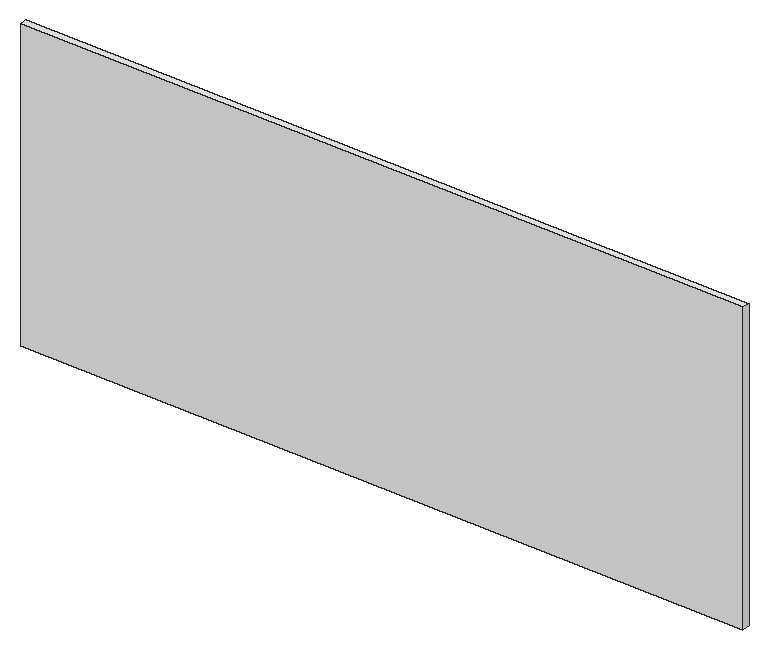
Revit family "Projector", category Electrical Fixtures, Revit 2015
Parameters (values of type "250x100cm")
  Width = 2500 mm
  Sill Height = 1000 mm
  Material [instance] = none
  Height = 1000 mm
  Assembly Code = ""
Types (2, lengths in mm): name | Width | Material
  250x100cm | 2500 | none
  150x100cm | 1500 | White
Reference planes
  plane 1 "Center (Front/Back)": y = 0
  plane 2: z = 0
  plane 3 "Center (Left/Right)": x = 0
  plane 4 "Projector Height": z = 2000
  plane 5 "Projector Bottom": z = 1000
  plane 6: x = -1250
  plane 7: x = 1250
Forms (mm)
  Extrusion 1, solid, material <- "Material"
    sketch origin (0, 0, 0) x (1, 0, 0) y (0, 0, 1)
      loop
        line (-1250, 2000) -> (-1250, 1000) -> (1250, 1000) -> (1250, 2000) -> (-1250, 2000)
    from 0 to 25
Lines and regions (mm)
  symbolic lines
    curve 1: line (-1250, -25, 1000) -> (0, -1978.817, 1000)
    curve 2: line (0, -1978.817, 1000) -> (1250, -25, 1000)
Dimensions and locks
  equal spacing: plane 7, plane 3 "Center (Left/Right)", plane 6
  "Width": plane 7 to plane 6
  "Sill Height": plane 5 "Projector Bottom" to level
  "Height": plane 4 "Projector Height" to plane 5 "Projector Bottom"
  aligned and locked: Extrusion 1 sketch curve to plane 4 "Projector Height"
  aligned and locked: Extrusion 1 sketch curve to plane 6
  aligned and locked: Extrusion 1 sketch curve to plane 5 "Projector Bottom"
  aligned and locked: Extrusion 1 sketch curve to plane 7
  aligned: curve 2 to Extrusion 1
Automatic sketch dimensions
  curve 2 to plane 7 = 0 mm
  curve 2 to plane 3 "Center (Left/Right)" = 0 mm
  curve 1 to plane 6 = 0 mm
  plane 1 "Center (Front/Back)" to curve 2 = 25 mm
  plane 1 "Center (Front/Back)" to curve 1 = 25 mm
  plane 1 "Center (Front/Back)" to curve 2 = 1978.817 mm
